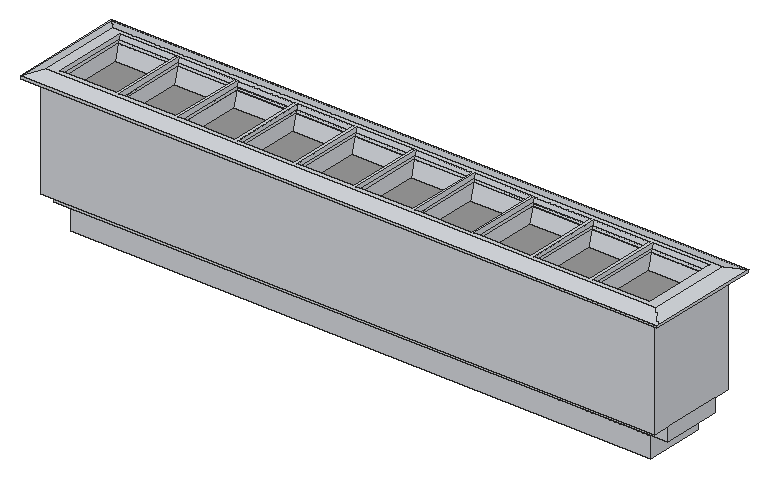
Revit family "2061470 Sylvania Lighting Fixture DOMINO 10xLED 930 BLACK MB TRIM WHITE DALI", category Lighting Fixtures, host Face, Revit 2018
Family settings
  Host = Face
  Round Connector Dimension = Use Diameter
  Part Type = Normal
  OmniClass Number = 23.80.70.00
  OmniClass Title = Lighting
  Cut with Voids When Loaded = No
  Light Source = Yes
  Shared = No
  Room Calculation Point = No
Parameters (values of type "2061470 DOMINO 10XLED 930 BLACK MB TR WHT DALI")
  top top width = 15.812 mm
  top top length = 255 mm
  Width = 50 mm
  Weight = "n/a"
  Wattage Comments = ""
  Wattage = 9.2903 W
  WarrantyStartDate [instance] = "n/a"
  WarrantyGuarantorParts = "n/a"
  WarrantyDurationUnit = "n/a"
  WarrantyDurationParts = ""
  WarrantyDescription = "http://www.sylvania-lighting.com"
  built-in parameter 1150110 = 1 (stored number, unit not read)
  Voltage = 0 V
  URL = "0.96"
  TypeName = "DOMINO 10xLED 930 BLACK MB TRIM WHITE DALI"
  Type Image = <None>
  Type Comments = "n/a"
  built-in parameter 1114217 = 1 (stored number, unit not read)
  Top Width = 26 mm
  Tilt Angle = 90.00°
  built-in parameter 1150109 = 1 (stored number, unit not read)
  built-in parameter 1150134 = 3
  built-in parameter 1150113 = 1 (stored number, unit not read)
  SerialNumber [instance] = "n/a"
  Recessed Width = 43 mm
  Recessed Length = 276 mm
  Photometric Web File = "2061470.ies"
  Material_3_FEILO = none
  PowerFactor = 0
  PowerConsumption = "Lighting"
  NominalLength = 50 mm
  NominalHeight = 0 mm
  NominalDepth = 0 mm
  Name = "DOMINO 10xLED 930 BLACK MB TRIM WHITE DALI"
  ModelReference = Name  # "DOMINO 10xLED 930 BLACK MB TRIM WHITE DALI"
  ModelNumber = "2061470"
  Model = Name  # "DOMINO 10xLED 930 BLACK MB TRIM WHITE DALI"
  Material = "Feilo Sylvania"
  ManufacturerName = "62 lm/W"
  Manufacturer = ""
  LuminousEfficacy = ""
  built-in parameter 1150105 = 109.82 (stored number, unit not read)
  Lumens = 1380 lm
  LuminaireType = "0"
  built-in parameter 1150115 = 1 (stored number, unit not read)
  LightOutputRatio = "LED"
  built-in parameter 1150137 = (empty or 0)
  built-in parameter 1150139 = (empty or 0)
  Lens inside recess = 25 mm
  Lens Width = 32 mm
  Lens Outside recess = 31.978 mm
  Lens = Glass, White, High Luminance
  Length = 280 mm
  LampsType = Lamp  # "n/a"
  LampNominalLuminous = "3000 K"
  LampMacAdamStep = "90"
  LampColourTemperature = "LED"
  LampColourRenderingIndex = "16500"
  built-in parameter 1150112 = 1 (stored number, unit not read)
  built-in parameter 1150114 = 1 (stored number, unit not read)
  Lamp = "n/a"
  Keynote = "n/a"
  InstallationDate [instance] = "n/a"
  InputVoltage = "0"
  InputNominalFrequency = "3000"
  built-in parameter 1150132 = (empty or 0)
  built-in parameter 1150102 = (empty or 0)
  built-in parameter 1150107 = 3200 (stored number, unit not read)
  built-in parameter 1150138 = (empty or 0)
  IngressProtection = "IfcLightFixtureType"
  ImpactProtectionIndex = "IfcLightFixtureType"
  built-in parameter 1150106 = 1.0982 (stored number, unit not read)
  IfcExportType = "IfcLightFixtureType"
  IfcExportAs = "Class II"
  Facia internal width = 37 mm
  Facia internal length = 268 mm
  Facia Height = 2 mm
  ExpectedLife = 50000
  Emit from Circle Diameter = 609.6 mm
  Emit Shape Visible in Rendering = no
  ElectricShockClassification = "62"
  built-in parameter 1150104 = 13.8 (stored number, unit not read)
  DurationUnit = "hours"
  DocumentationLiterature = "http://www.sylvania-lighting.com/product/en-int/products/2061470"
  DimmingControlOptions = "n/a"
  Material_2_FEILO = none
  Dimming Lamp Color Temperature Shift = <None>
  Description = "Modular LED recessed linear spotlight, ideal for retail and hospitality applications. Die-cast aluminium body, passive cooling. Two levels of reflector installation, low glaring UGR<16. 10x LED source, 30° beam angle , optics: PMMA lens and polycarbonate reflector combination, Black matt reflector finish. Light color temperature: 3000K warm white, total system power: 23W , total fixture lumen output: 1425lm, efficacy: 62 lm/W, Ra90 typical, LED chromacity: 3 step MacAdam ellipse (SDCM3), lifespan: 96,000 hours at 90% of the original output (L90B10), IR/UV free light source without heat radiation, operating voltage: 220-240V / 50-60Hz, electronic driver, ultra low flicker, DALI , electrical protection: Class II. Degree of Protection: IP40/IP20, suitable for indoor environment only. Ceiling cut-out: 43x43mm, outer dimensions:  280x50mm trim frame RAL 9016 - Traffic white / Bezel color.5 years Warranty."
  Default Elevation = 1219.2 mm
  CreatedOn = "11/02/2021"
  CreatedBy = "@sylvania-lighting.com"
  Cost = 0
  Color Filter = 16777215
  built-in parameter 1114216 [instance] = (empty or 0)
  ClassificationValue = "EF_70_80"
  ClassificationName = "Uniclass2015"
  Material_1_FEILO = none
  Body Width = 40 mm
  Body Length = 270 mm
  BarCode [instance] = "n/a"
  built-in parameter 1114218 = 1 (stored number, unit not read)
  built-in parameter 1150133 = 10 (stored number, unit not read)
  AssetType = "Fixed"
  AssetIdentifier [instance] = "n/a"
  Assembly Code = "D5020200"
  Apparent Load = 23 VA
  Material_4_FEILO = none
Reference planes
  plane 1 "Center (Front/Back)": y = 0
  plane 2: z = 0
  plane 3 "Center (Left/Right)": x = 0
  plane 4: z = 0
  plane 5: z = -7
  plane 6: z = -45.895
  plane 7: z = -51.895
  plane 8: z = -60.895
  plane 9: x = -138
  plane 10: x = 138
  plane 11: y = 21.5
  plane 12: y = -21.5
  plane 13: x = -140
  plane 14: x = 140
  plane 15: y = 25
  plane 16: y = -25
  plane 17: x = 134
  plane 18: x = -134
  plane 19: y = 18.5
  plane 20: y = -18.5
  plane 21: z = 2
  plane 22: x = -135
  plane 23: x = 135
  plane 24: y = 20
  plane 25: y = -20
  plane 26: y = 13
  plane 27: y = -13
  plane 28: x = 127.5
  plane 29: x = -127.5
  plane 30: x = -132
  plane 31: y = 16.5
  plane 32: y = -16.472
  plane 33: y = 13
  plane 34: y = -12.972
  plane 35: x = 129.7
  plane 36: x = 127.224
Forms (mm)
  Extrusion 1, solid, not visible, detail levels medium+fine
    sketch origin (4.2, 0, 0) x (1, 0, 0) y (0, 1, 0)
      loop
        line (-29.2, 34.5) -> (-29.2, -34.5) -> (20.8, -34.5) -> (20.8, 34.5) -> (-29.2, 34.5)
    from 0 to 1
  Extrusion 2, solid, not visible, detail levels medium+fine
    sketch origin (4.044, 0, 0) x (1, 0, 0) y (0, 1, 0)
      loop
        line (-29.2, 34.5) -> (-29.2, -34.5) -> (20.8, -34.5) -> (20.8, 34.5) -> (-29.2, 34.5)
    from 0 to 1
  Blend 3, solid, not visible, detail levels medium+fine
    base sketch origin (4.2, 0, 0) x (1, 0, 0) y (0, 1, 0)
      loop
        line (-29.2, 34.5) -> (-29.2, -34.5) -> (20.8, -34.5) -> (20.8, 34.5) -> (-29.2, 34.5)
    top sketch origin (4.2, 0, 0) x (1, 0, 0) y (0, 1, 0)
      loop
        line (-21.7, 28) -> (-21.7, -28) -> (13.3, -28) -> (13.3, 28) -> (-21.7, 28)
    from 1 to 3
  Extrusion 4, solid, not visible, detail levels medium+fine
    sketch origin (3.419, 0, 0) x (1, 0, 0) y (0, 1, 0)
      loop
        line (-29.2, 34.5) -> (-29.2, -34.5) -> (20.8, -34.5) -> (20.8, 34.5) -> (-29.2, 34.5)
    from 0 to 1
  Blend 5, solid, not visible, detail levels medium+fine
    base sketch origin (3.575, 0, 0) x (1, 0, 0) y (0, 1, 0)
      loop
        line (-29.2, 34.5) -> (-29.2, -34.5) -> (20.8, -34.5) -> (20.8, 34.5) -> (-29.2, 34.5)
    top sketch origin (3.575, 0, 0) x (1, 0, 0) y (0, 1, 0)
      loop
        line (-21.7, 28) -> (-21.7, -28) -> (13.3, -28) -> (13.3, 28) -> (-21.7, 28)
    from 1 to 3
  Extrusion 6, solid, not visible, detail levels medium+fine
    sketch origin (4.247, 0, 0) x (1, 0, 0) y (0, 1, 0)
      loop
        line (-29.2, 34.5) -> (-29.2, -34.5) -> (20.8, -34.5) -> (20.8, 34.5) -> (-29.2, 34.5)
    from 0 to 1
  Blend 7, solid, not visible, detail levels medium+fine
    base sketch origin (4.403, 0, 0) x (1, 0, 0) y (0, 1, 0)
      loop
        line (-29.2, 34.5) -> (-29.2, -34.5) -> (20.8, -34.5) -> (20.8, 34.5) -> (-29.2, 34.5)
    top sketch origin (4.403, 0, 0) x (1, 0, 0) y (0, 1, 0)
      loop
        line (-21.7, 28) -> (-21.7, -28) -> (13.3, -28) -> (13.3, 28) -> (-21.7, 28)
    from 1 to 3
  Extrusion 8, void, detail levels medium+fine
    sketch origin (4.2, 0, 0) x (0, 1, 0) y (1, 0, 0)
      loop
        line (21.5, -142.2) -> (21.5, 133.8) -> (-21.5, 133.8) -> (-21.5, -142.2) -> (21.5, -142.2)
    from -9.934 to 83.097
  Extrusion 9, solid, detail levels medium+fine
    sketch origin (4.2, 0, 0) x (1, 0, 0) y (0, 1, 0)
      loop
        line (-144.2, 25) -> (-144.2, -25) -> (135.8, -25) -> (135.8, 25) -> (-144.2, 25)
    from 0 to 1
  Extrusion 10, solid, detail levels medium+fine
    sketch origin (4.2, 0, 0) x (1, 0, 0) y (0, 1, 0)
      loop
        line (-139.2, 20) -> (-139.2, -20) -> (130.8, -20) -> (130.8, 20) -> (-139.2, 20)
    from 0 to -45.895
  Extrusion 11, solid, detail levels medium+fine
    sketch origin (4.2, 0, 0) x (1, 0, 0) y (0, 1, 0)
      loop
        line (-139.2, 13) -> (-139.2, -13) -> (130.8, -13) -> (130.8, 13) -> (-139.2, 13)
    from -51.895 to -45.895
  Extrusion 12, solid, material "Glass, White, High Luminance" <- "Lens", detail levels fine
    sketch origin (-53.155, 1221.106, 36.156) x (1, 0, 0) y (0, 1, 0)
      loop
        line (-76.18, -1206.856) -> (-76.18, -1232.856) -> (-52.18, -1232.856) -> (-52.18, -1206.856) -> (-76.18, -1206.856)
    from -43.156 to -42.182
  Blend 13, solid, detail levels medium+fine
    base sketch origin (4.2, 0, 0) x (1, 0, 0) y (0, 1, 0)
      loop
        line (-144.2, 25) -> (-144.2, -25) -> (135.8, -25) -> (135.8, 25) -> (-144.2, 25)
    top sketch origin (4.2, 0, 0) x (1, 0, 0) y (0, 1, 0)
      loop
        line (-138.2, 18.5) -> (-138.2, -18.5) -> (129.8, -18.5) -> (129.8, 18.5) -> (-138.2, 18.5)
    from 1 to 3
  Extrusion 14, solid, detail levels fine
    sketch origin (0, 0, 0) x (1, 0, 0) y (0, 0, 1)
      loop
        line (-127.5, -51.895) -> (-127.5, -60.895) -> (127.5, -60.895) -> (127.5, -51.895) -> (-127.5, -51.895)
    from -13 to 13
  Blend 15, void
    base sketch origin (-59.8, 0, 0) x (0, 1, 0) y (-1, 0, 0)
      loop
        line (16.5, 69.7) -> (-16.472, 69.7) -> (-16.472, 44.7) -> (16.5, 44.7) -> (16.5, 69.7)
    top sketch origin (-59.8, 0, 0) x (0, 1, 0) y (-1, 0, 0)
      loop
        line (13, 69.2) -> (-12.972, 69.2) -> (-12.972, 45.2) -> (13, 45.2) -> (13, 69.2)
    from 3 to -7
  Blend 16, void
    base sketch origin (18.282, 0, 0) x (0, 1, 0) y (-1, 0, 0)
      loop
        line (16.5, 69.7) -> (-16.472, 69.7) -> (-16.472, 44.7) -> (16.5, 44.7) -> (16.5, 69.7)
    top sketch origin (18.282, 0, 0) x (0, 1, 0) y (-1, 0, 0)
      loop
        line (13, 69.2) -> (-12.972, 69.2) -> (-12.972, 45.2) -> (13, 45.2) -> (13, 69.2)
    from 3 to -7
  Blend 17, void
    base sketch origin (44.284, -0.017, 0) x (0, 1, 0) y (-1, 0, 0)
      loop
        line (16.5, 69.7) -> (-16.472, 69.7) -> (-16.472, 44.7) -> (16.5, 44.7) -> (16.5, 69.7)
    top sketch origin (44.284, -0.017, 0) x (0, 1, 0) y (-1, 0, 0)
      loop
        line (13, 69.2) -> (-12.972, 69.2) -> (-12.972, 45.2) -> (13, 45.2) -> (13, 69.2)
    from 3 to -7
  Blend 18, void
    base sketch origin (70.327, 0, 0) x (0, 1, 0) y (-1, 0, 0)
      loop
        line (16.5, 69.7) -> (-16.472, 69.7) -> (-16.472, 44.7) -> (16.5, 44.7) -> (16.5, 69.7)
    top sketch origin (70.327, 0, 0) x (0, 1, 0) y (-1, 0, 0)
      loop
        line (13, 69.2) -> (-12.972, 69.2) -> (-12.972, 45.2) -> (13, 45.2) -> (13, 69.2)
    from 3 to -7
  Blend 19, void
    base sketch origin (96.351, 0, 0) x (0, 1, 0) y (-1, 0, 0)
      loop
        line (16.5, 69.7) -> (-16.472, 69.7) -> (-16.472, 44.7) -> (16.5, 44.7) -> (16.5, 69.7)
    top sketch origin (96.351, 0, 0) x (0, 1, 0) y (-1, 0, 0)
      loop
        line (13, 69.2) -> (-12.972, 69.2) -> (-12.972, 45.2) -> (13, 45.2) -> (13, 69.2)
    from 3 to -7
  Extrusion 20, solid, material "Glass, White, High Luminance" <- "Lens", detail levels fine
    sketch origin (-29.269, 1219.946, 36.156) x (1, 0, 0) y (0, 1, 0)
      loop
        line (-73.723, -1206.946) -> (-73.723, -1232.946) -> (-49.723, -1232.946) -> (-49.723, -1206.946) -> (-73.723, -1206.946)
    from -43.156 to -42.182
  Extrusion 21, solid, material "Glass, White, High Luminance" <- "Lens", detail levels fine
    sketch origin (-0.613, 1219.733, 36.156) x (1, 0, 0) y (0, 1, 0)
      loop
        line (-76.347, -1206.7) -> (-76.347, -1232.733) -> (-52.347, -1232.733) -> (-52.347, -1206.7) -> (-76.347, -1206.7)
    from -43.156 to -42.182
  Extrusion 22, solid, material "Glass, White, High Luminance" <- "Lens", detail levels fine
    sketch origin (24.387, 1218.509, 36.156) x (1, 0, 0) y (0, 1, 0)
      loop
        line (-75.305, -1205.509) -> (-75.305, -1231.509) -> (-51.305, -1231.509) -> (-51.305, -1205.509) -> (-75.305, -1205.509)
    from -43.156 to -42.182
  Extrusion 23, solid, material "Glass, White, High Luminance" <- "Lens", detail levels fine
    sketch origin (51.187, 1219.547, 36.156) x (1, 0, 0) y (0, 1, 0)
      loop
        line (-76.102, -1206.547) -> (-76.102, -1232.547) -> (-52.102, -1232.547) -> (-52.102, -1206.547) -> (-76.102, -1206.547)
    from -43.156 to -42.182
  Blend 24, void
    base sketch origin (-33.792, 0, 0) x (0, 1, 0) y (-1, 0, 0)
      loop
        line (16.5, 69.7) -> (-16.472, 69.7) -> (-16.472, 44.7) -> (16.5, 44.7) -> (16.5, 69.7)
    top sketch origin (-33.792, 0, 0) x (0, 1, 0) y (-1, 0, 0)
      loop
        line (13, 69.2) -> (-12.972, 69.2) -> (-12.972, 45.2) -> (13, 45.2) -> (13, 69.2)
    from 3 to -7
  Blend 25, void
    base sketch origin (-7.76, 0, 0) x (0, 1, 0) y (-1, 0, 0)
      loop
        line (16.5, 69.7) -> (-16.472, 69.7) -> (-16.472, 44.7) -> (16.5, 44.7) -> (16.5, 69.7)
    top sketch origin (-7.76, 0, 0) x (0, 1, 0) y (-1, 0, 0)
      loop
        line (13, 69.2) -> (-12.972, 69.2) -> (-12.972, 45.2) -> (13, 45.2) -> (13, 69.2)
    from 3 to -7
  Blend 26, void
    base sketch origin (122.411, 0, 0) x (0, 1, 0) y (-1, 0, 0)
      loop
        line (16.5, 69.7) -> (-16.472, 69.7) -> (-16.472, 44.7) -> (16.5, 44.7) -> (16.5, 69.7)
    top sketch origin (122.411, 0, 0) x (0, 1, 0) y (-1, 0, 0)
      loop
        line (13, 69.2) -> (-12.972, 69.2) -> (-12.972, 45.2) -> (13, 45.2) -> (13, 69.2)
    from 3 to -7
  Extrusion 27, solid, material "Glass, White, High Luminance" <- "Lens", detail levels fine
    sketch origin (77.265, 1219.547, 36.156) x (1, 0, 0) y (0, 1, 0)
      loop
        line (-76.102, -1206.547) -> (-76.102, -1232.547) -> (-52.102, -1232.547) -> (-52.102, -1206.547) -> (-76.102, -1206.547)
    from -43.156 to -42.182
  Extrusion 28, solid, material "Glass, White, High Luminance" <- "Lens", detail levels fine
    sketch origin (100.753, 1219.547, 36.156) x (1, 0, 0) y (0, 1, 0)
      loop
        line (-76.102, -1206.547) -> (-76.102, -1232.547) -> (-52.102, -1232.547) -> (-52.102, -1206.547) -> (-76.102, -1206.547)
    from -43.156 to -42.182
  Extrusion 29, solid, material "Glass, White, High Luminance" <- "Lens", detail levels fine
    sketch origin (129.314, 1219.547, 36.156) x (1, 0, 0) y (0, 1, 0)
      loop
        line (-76.102, -1206.547) -> (-76.102, -1232.547) -> (-52.102, -1232.547) -> (-52.102, -1206.547) -> (-76.102, -1206.547)
    from -43.156 to -42.182
  Blend 30, void
    base sketch origin (148.416, 0, 0) x (0, 1, 0) y (-1, 0, 0)
      loop
        line (16.5, 69.7) -> (-16.472, 69.7) -> (-16.472, 44.7) -> (16.5, 44.7) -> (16.5, 69.7)
    top sketch origin (148.416, 0, 0) x (0, 1, 0) y (-1, 0, 0)
      loop
        line (13, 69.2) -> (-12.972, 69.2) -> (-12.972, 45.2) -> (13, 45.2) -> (13, 69.2)
    from 3 to -7
  Extrusion 31, solid, material "Glass, White, High Luminance" <- "Lens", detail levels fine
    sketch origin (155.278, 1219.547, 36.156) x (1, 0, 0) y (0, 1, 0)
      loop
        line (-76.102, -1206.547) -> (-76.102, -1232.547) -> (-52.102, -1232.547) -> (-52.102, -1206.547) -> (-76.102, -1206.547)
    from -43.156 to -42.182
  Blend 32, void
    base sketch origin (174.42, 0, 0) x (0, 1, 0) y (-1, 0, 0)
      loop
        line (16.5, 69.7) -> (-16.472, 69.7) -> (-16.472, 44.7) -> (16.5, 44.7) -> (16.5, 69.7)
    top sketch origin (174.42, 0, 0) x (0, 1, 0) y (-1, 0, 0)
      loop
        line (13, 69.2) -> (-12.972, 69.2) -> (-12.972, 45.2) -> (13, 45.2) -> (13, 69.2)
    from 3 to -7
  Extrusion 33, solid, material "Glass, White, High Luminance" <- "Lens", detail levels fine
    sketch origin (181.434, 1219.547, 36.156) x (1, 0, 0) y (0, 1, 0)
      loop
        line (-76.214, -1206.547) -> (-76.214, -1232.547) -> (-52.214, -1232.547) -> (-52.214, -1206.547) -> (-76.214, -1206.547)
    from -43.156 to -42.182
  Extrusion 34, solid, detail levels coarse
    sketch origin (4.2, 0, 0) x (1, 0, 0) y (0, 1, 0)
      loop
        line (-144.2, 25) -> (-144.2, -25) -> (135.8, -25) -> (135.8, 25) -> (-144.2, 25)
    from -60.895 to 3
Cuts and joins
  Blend 15, Blend 16, Blend 17, Blend 18, Blend 19, Blend 24, Blend 25, Blend 26, Blend 30, Blend 32 cuts Extrusion 9
  Blend 15, Blend 16, Blend 17, Blend 18, Blend 19, Blend 24, Blend 25, Blend 26, Blend 30, Blend 32 cuts Extrusion 10
  Blend 15, Blend 16, Blend 17, Blend 18, Blend 19, Blend 24, Blend 25, Blend 26, Blend 30, Blend 32 cuts Blend 13
  Blend 32 cuts Extrusion 31
Dimensions and locks
  "Recessed Length": plane 9 to plane 10
  equal spacing: plane 9, plane 3 "Center (Left/Right)", plane 10
  "Length": plane 13 to plane 14
  equal spacing: plane 13, plane 3 "Center (Left/Right)", plane 14
  "Recessed Width": plane 11 to plane 12
  equal spacing: plane 11, plane 1 "Center (Front/Back)", plane 12
  "Width": plane 15 to plane 16
  equal spacing: plane 15, plane 1 "Center (Front/Back)", plane 16
  "Facia internal length": plane 18 to plane 17
  equal spacing: plane 18, plane 3 "Center (Left/Right)", plane 17
  "Facia internal width": plane 19 to plane 20
  equal spacing: plane 19, plane 1 "Center (Front/Back)", plane 20
  "Facia Height": plane 21 to host face
  "Body Length": plane 22 to plane 23
  equal spacing: plane 22, plane 3 "Center (Left/Right)", plane 23
  "Body Width": plane 24 to plane 25
  equal spacing: plane 24, plane 1 "Center (Front/Back)", plane 25
  "Top Width": plane 26 to plane 27
  equal spacing: plane 26, plane 1 "Center (Front/Back)", plane 27
  "top top length": plane 29 to plane 28
  equal spacing: plane 29, plane 3 "Center (Left/Right)", plane 28  (x2)
  plane 28 to plane 29 = 255 mm
  equal spacing: plane 28, plane 3 "Center (Left/Right)", plane 29
  aligned and locked: plane 2 to host face
  aligned and locked: level to host face
  aligned and locked: Extrusion 11 to plane 7
  aligned and locked: Extrusion 10 to plane 6
  aligned and locked: Extrusion 12 to plane 5
Automatic sketch dimensions
  Extrusion 1 sketch curve to Extrusion 1 sketch curve = 50 mm
  Extrusion 1 sketch curve to Extrusion 1 sketch curve = 69 mm
  Extrusion 2 sketch curve to Extrusion 2 sketch curve = 50 mm
  Extrusion 2 sketch curve to Extrusion 2 sketch curve = 69 mm
  Blend 3 sketch curve to Blend 3 sketch curve = 50 mm
  Blend 3 sketch curve to Blend 3 sketch curve = 69 mm
  Blend 3 sketch curve to Blend 3 sketch curve = 35 mm
  Blend 3 sketch curve to Blend 3 sketch curve = 56 mm
  Extrusion 4 sketch curve to Extrusion 4 sketch curve = 50 mm
  Extrusion 4 sketch curve to Extrusion 4 sketch curve = 69 mm
  Blend 5 sketch curve to Blend 5 sketch curve = 50 mm
  Blend 5 sketch curve to Blend 5 sketch curve = 69 mm
  Blend 5 sketch curve to Blend 5 sketch curve = 35 mm
  Blend 5 sketch curve to Blend 5 sketch curve = 56 mm
  Extrusion 6 sketch curve to Extrusion 6 sketch curve = 50 mm
  Extrusion 6 sketch curve to Extrusion 6 sketch curve = 69 mm
  Blend 7 sketch curve to Blend 7 sketch curve = 50 mm
  Blend 7 sketch curve to Blend 7 sketch curve = 69 mm
  Blend 7 sketch curve to Blend 7 sketch curve = 35 mm
  Blend 7 sketch curve to Blend 7 sketch curve = 56 mm
  host sketch curve to host sketch curve = 2438.4 mm  (x2)
  Extrusion 8 sketch curve to plane 9 = 0 mm
  Extrusion 8 sketch curve to plane 12 = 0 mm
  Extrusion 8 sketch curve to plane 11 = 0 mm
  Extrusion 8 sketch curve to plane 10 = 0 mm
  Extrusion 9 sketch curve to plane 13 = 0 mm
  Extrusion 9 sketch curve to plane 14 = 0 mm
  Extrusion 9 sketch curve to plane 16 = 0 mm
  Extrusion 9 sketch curve to plane 15 = 0 mm
  Extrusion 10 sketch curve to plane 22 = 0 mm
  Extrusion 10 sketch curve to plane 23 = 0 mm
  Extrusion 10 sketch curve to plane 25 = 0 mm
  Extrusion 10 sketch curve to plane 24 = 0 mm
  Extrusion 11 sketch curve to plane 22 = 0 mm
  Extrusion 11 sketch curve to plane 23 = 0 mm
  Extrusion 11 sketch curve to plane 27 = 0 mm
  plane 26 to Extrusion 11 sketch curve = 0 mm
  plane 27 to Extrusion 12 sketch curve = 1.25 mm
  plane 26 to Extrusion 12 sketch curve = 1.25 mm
  plane 30 to Extrusion 12 sketch curve = 2.665 mm
  Blend 13 sketch curve to plane 13 = 0 mm
  Blend 13 sketch curve to plane 14 = 0 mm
  Blend 13 sketch curve to plane 16 = 0 mm
  Blend 13 sketch curve to plane 15 = 0 mm
  Blend 13 sketch curve to plane 18 = 0 mm
  Blend 13 sketch curve to plane 17 = 0 mm
  Blend 13 sketch curve to plane 20 = 0 mm
  Blend 13 sketch curve to plane 19 = 0 mm
  Extrusion 14 sketch curve to plane 8 = 0 mm
  Extrusion 14 sketch curve to plane 29 = 0 mm
  Extrusion 14 sketch curve to plane 28 = 0 mm
  Extrusion 14 sketch curve to plane 7 = 0 mm
  plane 30 to Blend 15 sketch curve = 2.5 mm
  Blend 15 sketch curve to plane 32 = 0 mm
  Blend 15 sketch curve to plane 31 = 0 mm
  Blend 15 sketch curve to plane 34 = 0 mm
  Blend 15 sketch curve to plane 26 = 0 mm
  plane 30 to Blend 15 sketch curve = 3 mm
  Blend 16 sketch curve to plane 32 = 0 mm
  Blend 16 sketch curve to plane 31 = 0 mm
  Blend 16 sketch curve to plane 34 = 0 mm
  Blend 16 sketch curve to plane 26 = 0 mm
  Blend 17 sketch curve to plane 32 = 0.017 mm
  Blend 17 sketch curve to plane 31 = 0.017 mm
  plane 27 to Blend 17 sketch curve = 0.011 mm
  Blend 17 sketch curve to plane 26 = 0.017 mm
  plane 32 to Blend 18 sketch curve = 0 mm
  plane 31 to Blend 18 sketch curve = 0 mm
  plane 34 to Blend 18 sketch curve = 0 mm
  plane 26 to Blend 18 sketch curve = 0 mm
  Blend 19 sketch curve to plane 32 = 0 mm
  Blend 19 sketch curve to plane 31 = 0 mm
  Blend 19 sketch curve to plane 34 = 0 mm
  Blend 19 sketch curve to plane 26 = 0 mm
  Extrusion 20 sketch curve to plane 27 = 0 mm
  Extrusion 20 sketch curve to plane 26 = 0 mm
  Extrusion 21 sketch curve to plane 27 = 0 mm
  plane 26 to Extrusion 21 sketch curve = 0.033 mm
  Extrusion 22 sketch curve to plane 27 = 0 mm
  Extrusion 22 sketch curve to plane 26 = 0 mm
  Extrusion 23 sketch curve to plane 27 = 0 mm
  Extrusion 23 sketch curve to plane 26 = 0 mm
  Blend 24 sketch curve to plane 32 = 0 mm
  Blend 24 sketch curve to plane 31 = 0 mm
  Blend 24 sketch curve to plane 34 = 0 mm
  Blend 24 sketch curve to plane 26 = 0 mm
  Blend 25 sketch curve to plane 32 = 0 mm
  Blend 25 sketch curve to plane 31 = 0 mm
  Blend 25 sketch curve to plane 34 = 0 mm
  Blend 25 sketch curve to plane 26 = 0 mm
  Blend 26 sketch curve to plane 32 = 0 mm
  Blend 26 sketch curve to plane 31 = 0 mm
  Blend 26 sketch curve to plane 34 = 0 mm
  Blend 26 sketch curve to plane 26 = 0 mm
  Extrusion 27 sketch curve to plane 27 = 0 mm
  Extrusion 27 sketch curve to plane 26 = 0 mm
  Extrusion 28 sketch curve to plane 27 = 0 mm
  Extrusion 28 sketch curve to plane 26 = 0 mm
  Extrusion 29 sketch curve to plane 27 = 0 mm
  Extrusion 29 sketch curve to plane 26 = 0 mm
  Blend 30 sketch curve to plane 32 = 0 mm
  Blend 30 sketch curve to plane 31 = 0 mm
  Blend 30 sketch curve to plane 34 = 0 mm
  Blend 30 sketch curve to plane 26 = 0 mm
  Extrusion 31 sketch curve to plane 27 = 0 mm
  Extrusion 31 sketch curve to plane 26 = 0 mm
  Blend 32 sketch curve to plane 32 = 0 mm
  Blend 32 sketch curve to plane 31 = 0 mm
  plane 28 to Blend 32 sketch curve = 2.22 mm
  Blend 32 sketch curve to plane 34 = 0 mm
  Blend 32 sketch curve to plane 26 = 0 mm
  plane 28 to Blend 32 sketch curve = 1.72 mm
  plane 27 to Extrusion 33 sketch curve = 0 mm
  plane 26 to Extrusion 33 sketch curve = 0 mm
  plane 28 to Extrusion 33 sketch curve = 1.72 mm
  Extrusion 21 sketch curve to Extrusion 21 sketch curve = 24 mm
  Blend 25 sketch curve to Blend 25 sketch curve = 24 mm
  plane 29 to Extrusion 12 sketch curve = 22.165 mm
  plane 29 to Blend 15 sketch curve = 23 mm
  plane 29 to Blend 15 sketch curve = 22.5 mm
  plane 29 to Extrusion 20 sketch curve = 24.508 mm
  Extrusion 20 sketch curve to Extrusion 20 sketch curve = 24 mm
  plane 29 to Blend 24 sketch curve = 49.008 mm
  plane 29 to Blend 24 sketch curve = 24.008 mm
  plane 29 to Blend 24 sketch curve = 48.508 mm
  Blend 24 sketch curve to Blend 24 sketch curve = 24 mm
  Blend 25 sketch curve to Blend 25 sketch curve = 25 mm
  Blend 16 sketch curve to Blend 16 sketch curve = 25 mm
  Blend 16 sketch curve to Blend 16 sketch curve = 24 mm
  plane 29 to Extrusion 21 sketch curve = 50.54 mm
  Extrusion 22 sketch curve to Extrusion 22 sketch curve = 24 mm
  Blend 16 sketch curve to plane 3 "Center (Left/Right)" = 26.418 mm
  Blend 16 sketch curve to plane 3 "Center (Left/Right)" = 26.918 mm
  Blend 17 sketch curve to plane 3 "Center (Left/Right)" = 0.416 mm
  Blend 17 sketch curve to Blend 17 sketch curve = 25 mm
  Blend 17 sketch curve to plane 3 "Center (Left/Right)" = 0.916 mm
  Blend 17 sketch curve to Blend 17 sketch curve = 24 mm
  plane 3 "Center (Left/Right)" to Blend 18 sketch curve = 0.627 mm
  plane 3 "Center (Left/Right)" to Blend 18 sketch curve = 1.127 mm
  Extrusion 22 sketch curve to plane 3 "Center (Left/Right)" = 50.918 mm
  Extrusion 23 sketch curve to plane 3 "Center (Left/Right)" = 24.916 mm
  Extrusion 23 sketch curve to plane 3 "Center (Left/Right)" = 0.916 mm
  Blend 25 sketch curve to plane 3 "Center (Left/Right)" = 52.46 mm
  Blend 25 sketch curve to plane 3 "Center (Left/Right)" = 52.96 mm
  plane 3 "Center (Left/Right)" to Extrusion 27 sketch curve = 1.162 mm
  Blend 18 sketch curve to Blend 18 sketch curve = 25 mm
  Blend 18 sketch curve to Blend 18 sketch curve = 24 mm
  plane 3 "Center (Left/Right)" to Blend 19 sketch curve = 51.651 mm
  Blend 19 sketch curve to Blend 19 sketch curve = 25 mm
  plane 3 "Center (Left/Right)" to Blend 19 sketch curve = 51.151 mm
  Blend 19 sketch curve to Blend 19 sketch curve = 24 mm
  Blend 26 sketch curve to plane 36 = 49.513 mm
  Blend 26 sketch curve to Blend 26 sketch curve = 25 mm
  Blend 26 sketch curve to plane 36 = 50.013 mm
  Blend 26 sketch curve to Blend 26 sketch curve = 24 mm
  Extrusion 27 sketch curve to Extrusion 27 sketch curve = 24 mm
  plane 3 "Center (Left/Right)" to Extrusion 28 sketch curve = 24.651 mm
  Extrusion 28 sketch curve to Extrusion 28 sketch curve = 24 mm
  plane 3 "Center (Left/Right)" to Extrusion 29 sketch curve = 53.211 mm
  Extrusion 29 sketch curve to Extrusion 29 sketch curve = 24 mm
  Blend 30 sketch curve to plane 36 = 23.508 mm
  Blend 30 sketch curve to Blend 30 sketch curve = 25 mm
  Blend 30 sketch curve to plane 36 = 24.008 mm
  Blend 30 sketch curve to Blend 30 sketch curve = 24 mm
  Extrusion 31 sketch curve to plane 36 = 48.048 mm
  Extrusion 31 sketch curve to Extrusion 31 sketch curve = 24 mm
  Blend 32 sketch curve to plane 36 = 22.504 mm
  Blend 32 sketch curve to plane 36 = 22.004 mm
  Extrusion 33 sketch curve to plane 36 = 22.004 mm
  Extrusion 34 sketch curve to plane 13 = 0 mm
  Extrusion 34 sketch curve to plane 14 = 0 mm
  Extrusion 34 sketch curve to plane 16 = 0 mm
  Extrusion 34 sketch curve to plane 15 = 0 mm
Connectors
  electrical at (0, 0, -60.895)
    settings: on Extrusion 14, index 1, voltage 0 V, apparent load 0 VA, apparent load phase1 0 VA, apparent load phase2 0 VA, apparent load phase3 0 VA, power factor 1, load classification "Other", number of poles 1, system type 31, power factor state 1, is connector primary yes, connector utility no, sub classification motor no, connector description ""
